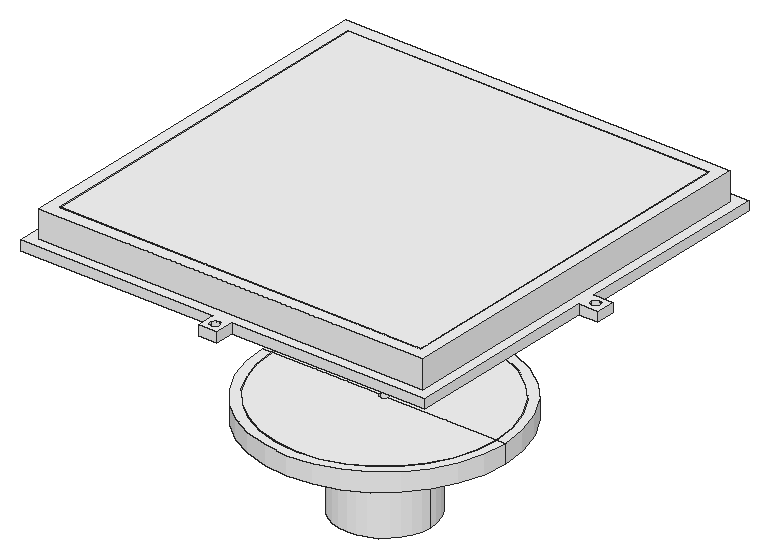
Revit family "Plumbing Fixture-FloorDrain_Mifab_C1450-S", category Plumbing Fixtures, host Face, Revit 2013
Parameters (values of type "2"")
  WFU = 0
  URL = "WWW.MIFAB.COM"
  Top Assembly Height = 4.000"
  Strainer Radius = Stainer Diameter / 2  # 4.150"
  Stainer Diameter = 8.300"
  Pipe Radius = Pipe Diameter / 2  # 1.000"
  Pipe Diameter = 2.000"
  Model = "C1450-S"
  Manufacturer = "MIFAB"
  HEIGHT 1 = 5.400"
  Floor Drain Material = Paint - Sherwin Williams Paint - #952C2A - Bellwood Red
  Description = "LINE CLEANOUT WITH SQUARE, NICKEL BRONZE WALL ACCESS PANEL\r\nBRONZE WALL ACCESS PANEL"
  Default Elevation = 0.000"
  Body Height = 2.200"
Types (4): name | Pipe Radius | Pipe Diameter | HEIGHT 1 | Description
  (no name) | 1.000" | 2.000" | 5.400" | "LINE CLEANOUT WITH SQUARE, NICKEL BRONZE WALL ACCESS PANEL\r\nBRONZE WALL ACCESS PANEL"
  3" | 1.500" | 3.000" | 5.282" | "LINE CLEANOUT WITH SQUARE, NICKEL BRONZE WALL ACCESS PANEL"
  2" | 1.000" | 2.000" | 5.400" | "LINE CLEANOUT WITH SQUARE, NICKEL BRONZE WALL ACCESS PANEL\r\nBRONZE WALL ACCESS PANEL"
  4" | 2.000" | 4.000" | 5.282" | "LINE CLEANOUT WITH SQUARE, NICKEL BRONZE WALL ACCESS PANEL"
Reference planes (in)
  plane 1 "Center (Front/Back)": y = 0
  plane 2: z = 0
  plane 3 "Center (Left/Right)": x = 0
  plane 4: x = -4.15
  plane 5: x = 4.15
  plane 6: z = -6.2
  plane 7: x = -1
  plane 8: x = 1
  plane 9: z = -4
  plane 10: y = 3.5
  plane 11: y = -3.5
Forms (in)
  Revolve 1, solid, material "Paint - Sherwin Williams Paint - #952C2A - Bellwood Red" <- "Floor Drain Material"
    sketch origin (0, 0, 0) x (1, 0, 0) y (0, 0, 1)
      loop
        line (1, -4.93435) -> (2.625, -4.4) -> (2.625, -4) -> (2.425, -4) -> (2.425, -4.25546) -> (1.9, -4.25546) -> (1.9, -4.45) -> (0.8, -4.9) -> (0.8, -6.2) -> (1, -6.2) -> (1, -4.93435)
      axis (0, -6.2) -> (0, -4)
    angle from 0 to 360
  Revolve 2, solid, material "Paint - Sherwin Williams Paint - #952C2A - Bellwood Red" <- "Floor Drain Material"
    sketch origin (0, 0, 0) x (1, 0, 0) y (0, 0, 1)
      loop
        line (-2.425, -4) -> (-2.425, -4.25) -> (-1.9, -4.25) -> (-1.9, -4.4) -> (-0.095, -4.4) -> (-0.095, -4) -> (-2.425, -4)
      axis (0, -4) -> (0, -4.4)
    angle from 0 to 360
  Extrusion 3, solid, material "Paint - Sherwin Williams Paint - #952C2A - Bellwood Red" <- "Floor Drain Material"
    sketch origin (0, 0, 0) x (1, 0, 0) y (0, 1, 0)
      loop
        line (-4.15, 4.15) -> (-4.15, -4.15) -> (4.15, -4.15) -> (4.15, 4.15) -> (-4.15, 4.15)
      loop
        line (-3.575, 3.575) -> (-3.575, -3.575) -> (3.575, -3.575) -> (3.575, 3.575) -> (-3.575, 3.575)
    from 0 to -0.8
  Extrusion 4, void
    sketch origin (0, 0, 0) x (1, 0, 0) y (0, 1, 0)
      loop
        line (-4, 4) -> (-4, -4) -> (4, -4) -> (4, 4) -> (-4, 4)
    from -0.3 to -0.8
  Extrusion 5, void
    sketch origin (0, 0, 0) x (1, 0, 0) y (0, 1, 0)
      loop
        line (-3.9, 3.9) -> (-3.9, -3.9) -> (3.9, -3.9) -> (3.9, 3.9) -> (-3.9, 3.9)
    from 0 to -0.13
  Extrusion 6, solid, material "Paint - Sherwin Williams Paint - #952C2A - Bellwood Red" <- "Floor Drain Material"
    sketch origin (0, 0, 0) x (1, 0, 0) y (0, 1, 0)
      loop
        line (-4.15, 4.15) -> (-4.15, -4.15) -> (4.15, -4.15) -> (4.15, 4.15) -> (-4.15, 4.15)
      loop
        line (-4.775, 0.2) -> (-4.775, -0.2) -> (-4.375, -0.2) -> (-4.375, -4.375) -> (-0.2, -4.375) -> (-0.2, -4.775) -> (0.2, -4.775) -> (0.2, -4.375) -> (4.375, -4.375) -> (4.375, -0.2) -> (4.775, -0.2) -> (4.775, 0.2) -> (4.375, 0.2) -> (4.375, 4.375) -> (0.2, 4.375) -> (0.2, 4.775) -> (-0.2, 4.775) -> (-0.2, 4.375) -> (-4.375, 4.375) -> (-4.375, 0.2) -> (-4.775, 0.2)
      loop
        circle (-4.575, 0) r 0.1
      loop
        circle (0, 4.575) r 0.1
      loop
        circle (4.575, 0) r 0.1
      loop
        circle (0, -4.575) r 0.1
    from -0.6 to -0.8
  Extrusion 7, solid, material "Paint - Sherwin Williams Paint - #952C2A - Bellwood Red" <- "Floor Drain Material"
    sketch origin (0, 0, 0) x (1, 0, 0) y (0, 1, 0)
      loop
        line (-3.9, 3.9) -> (-3.9, -3.9) -> (3.9, -3.9) -> (3.9, 3.9) -> (-3.9, 3.9)
    from 0 to -0.13
Cuts and joins
  Extrusion 5 cuts Extrusion 3
  joined: Extrusion 3, Extrusion 6
Lines and regions (in)
  symbolic lines
    curve 1: circle (0, 0, 0) r 4.15 normal (0, 0, 1)
  symbolic lines, style "PlumbingFixtures"
    curve 2: circle (0, 0, 0) r 1.00382 normal (0, 0, 1)
Dimensions and locks (in)
  equal spacing: plane 5, plane 3 "Center (Left/Right)", plane 4
  "Stainer Diameter": plane 5 to plane 4
  "Body Height": plane 9 to plane 6
  equal spacing: plane 8, plane 3 "Center (Left/Right)", plane 7
  "Pipe Diameter": plane 8 to plane 7
  "Top Assembly Height": host face to plane 9
  equal spacing: plane 10, plane 1 "Center (Front/Back)", plane 11
  locked: Revolve 1 sketch curve to Revolve 1 sketch curve at 2.625
  locked: Revolve 1 sketch curve to Revolve 1 sketch curve at 0.2  (x2)
  locked: Revolve 1 sketch curve to Revolve 1 sketch curve at 0.0951
  locked: Revolve 1 sketch curve to Revolve 1 sketch curve at 0.4
  locked: Revolve 1 sketch curve to Revolve 1 sketch curve at 0.725
  locked: Revolve 1 to Revolve 1 at 0.25546
  locked: Revolve 2 sketch curve to Revolve 2 sketch curve at 2.33
  locked: Revolve 2 sketch curve to Revolve 2 sketch curve at 2.425
  locked: Revolve 2 sketch curve to Revolve 2 sketch curve at 1.9
  locked: Revolve 2 sketch curve to Revolve 2 sketch curve at 0.15
  locked: Extrusion 3 sketch curve to Extrusion 3 sketch curve at 8.3  (x2)
  equal spacing: Extrusion 3 sketch curve, plane 3 "Center (Left/Right)", Extrusion 3 sketch curve  (x2)
  equal spacing: Extrusion 3 sketch curve, plane 1 "Center (Front/Back)", Extrusion 3 sketch curve  (x2)
  locked: Extrusion 3 sketch curve to Extrusion 3 sketch curve at 7.15  (x2)
  locked: Extrusion 4 sketch curve to Extrusion 4 sketch curve at 8  (x2)
  equal spacing: Extrusion 4 sketch curve, plane 3 "Center (Left/Right)", Extrusion 4 sketch curve
  equal spacing: Extrusion 4 sketch curve, plane 1 "Center (Front/Back)", Extrusion 4 sketch curve
  locked: Extrusion 5 sketch curve to Extrusion 5 sketch curve at 7.8  (x2)
  equal spacing: Extrusion 5 sketch curve, plane 3 "Center (Left/Right)", Extrusion 5 sketch curve
  equal spacing: Extrusion 5 sketch curve, plane 1 "Center (Front/Back)", Extrusion 5 sketch curve
  locked: Extrusion 6 sketch curve to Extrusion 6 sketch curve at 8.3  (x2)
  Extrusion 6 sketch curve to Extrusion 6 sketch curve = 8.300"  (x2)
  locked: Extrusion 6 sketch curve to Extrusion 6 sketch curve at 0.4  (x4)
  Extrusion 6 sketch curve to Extrusion 6 sketch curve = 0.400"
  locked: Extrusion 7 sketch curve to Extrusion 7 sketch curve at 7.8  (x2)
  equal spacing: Extrusion 7 sketch curve, plane 3 "Center (Left/Right)", Extrusion 7 sketch curve
  equal spacing: Extrusion 7 sketch curve, plane 1 "Center (Front/Back)", Extrusion 7 sketch curve
  "Strainer Radius": radius of curve 1
  aligned and locked: plane 2 to host face
  aligned and locked: level to host face
  aligned and locked: plane 1 "Center (Front/Back)" to curve 1
  aligned and locked: plane 3 "Center (Left/Right)" to curve 1
  aligned and locked: Revolve 1 sketch curve to plane 6
  aligned and locked: plane 9 to Revolve 1 sketch curve
  aligned and locked: plane 3 "Center (Left/Right)" to Revolve 1 sketch curve
  aligned and locked: Revolve 2 sketch curve to plane 3 "Center (Left/Right)"
  aligned and locked: Revolve 1 to Revolve 2 sketch curve
Automatic sketch dimensions
  host sketch curve to host sketch curve = 96.000"  (x2)
  plane 8 to Revolve 1 sketch curve = 0.000"
  Revolve 1 sketch curve to plane 9 = 0.93435"
  Revolve 1 sketch curve to plane 9 = 0.450"
  Revolve 1 sketch curve to Revolve 1 sketch curve = 0.19454"
  Revolve 1 sketch curve to plane 6 = 0.3875"
  Revolve 1 sketch curve to level = 0.91879"
  Revolve 2 sketch curve to plane 9 = 0.000"
  Revolve 2 sketch curve to Revolve 2 sketch curve = 0.36328"
  plane 9 to Revolve 2 sketch curve = 0.89097"
  Extrusion 6 sketch curve to plane 4 = 0.000"
  Extrusion 6 sketch curve to plane 5 = 0.000"
  plane 3 "Center (Left/Right)" to Extrusion 6 sketch curve = 0.200"  (x2)
  Extrusion 6 sketch curve to plane 11 = 1.275"
  plane 1 "Center (Front/Back)" to Extrusion 6 sketch curve = 0.000"  (x2)
  Extrusion 6 sketch curve to plane 3 "Center (Left/Right)" = 0.000"  (x2)
  Extrusion 6 sketch curve to plane 4 = 0.225"  (x2)
  Extrusion 6 sketch curve to Extrusion 6 sketch curve = 0.400"  (x3)
  Extrusion 6 sketch curve to plane 3 "Center (Left/Right)" = 0.200"
  Extrusion 6 sketch curve to plane 5 = 0.225"  (x2)
  Extrusion 6 sketch curve to Extrusion 6 sketch curve = 0.200"  (x4)
  Extrusion 6 sketch curve to plane 11 = 0.875"
  Extrusion 6 sketch curve to Extrusion 6 sketch curve = 0.000"
  Extrusion 6 sketch curve to Extrusion 6 sketch curve = 0.225"  (x3)
  plane 1 "Center (Front/Back)" to Extrusion 6 sketch curve = 0.200"  (x2)
  Extrusion 6 sketch curve to plane 1 "Center (Front/Back)" = 0.200"
  plane 10 to Extrusion 6 sketch curve = 0.650"
  curve 1 to curve 2 = 0.000"  (x2)
  plane 1 "Center (Front/Back)" to curve 2 = 0.000"
  curve 2 to plane 3 "Center (Left/Right)" = 0.000"
  radius of Extrusion 6 sketch curve = 0.100"  (x4)
  radius of curve 2 = 1.00382"
Connectors (in)
  piping at (0, 0, -6.2), driven by "Pipe Radius"
    settings: on Revolve 1, index 1, connector radius 1", flow factor 0, pipe flow 0 GPM, pressure drop 0.00 psi, fitting loss kfactor 0, connector angle 0.00°, fixture units 0, engagement length 0.000", flow configuration 0, flow direction 0, fitting loss method 0, system type 7, joint type 0, gender type 0, connector reference index -1, connector utility 0, adjustable connector no, is connector primary yes, fitting loss table "", connector description ""
